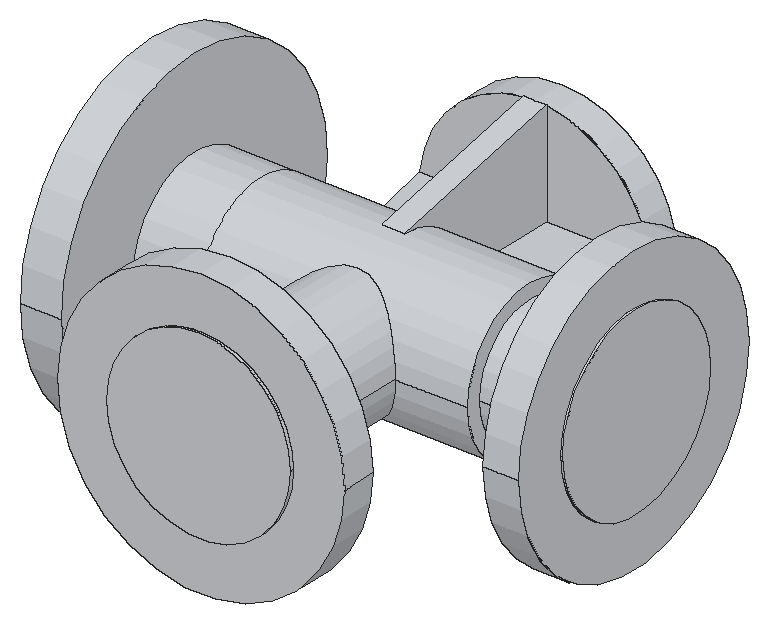
Revit family "81a1fe2a10ff4ad2a79cb788f979845b", category Pipe Fittings, Revit 2021
Family settings
  Round Connector Dimension = Use Radius
  Part Type = Tee
  OmniClass Number = 23.60.30.11.14
  OmniClass Title = Pipework Fittings
  Seek Item ID = Tee Reducing Round Base - Flanged - GI - Class 250-0000-USA-ENU
  Work Plane-Based = No
  Always vertical = Yes
  Cut with Voids When Loaded = No
  Shared = No
Parameters (values of type "Standard")
  Tick Size 3 [instance] = Flange Diameter 3 * 0.4  # 2.59843"
  Tick Size 2 [instance] = Flange Diameter 2 * 0.4  # 2.59843"
  Tick Size 1 [instance] = Flange Diameter 1 * 0.4  # 3.00787"
  Round Base Radius [instance] = Round Base Diameter / 2  # 2.61811"
  Round Base Diameter [instance] = size_lookup(Lookup Table Name, "RBD", 0.57 * Max Nominal Diameter 123 + 4 109/256", Max Nominal Diameter 123)  # 5.23622"
  Ribs Thickness [instance] = size_lookup(Lookup Table Name, "RThk", 0.04 * Max Nominal Diameter 123 + 65/128", Max Nominal Diameter 123)  # 0.51181"
  Ribs Length [instance] = 0.85 * Round Base Diameter  # 4.45079"
  Loss Method = K Coefficient from Table
  Lookup Table Name = "Tee Reducing Round Base - Flanged - GI - Class 250"
  K Coefficient Table = "Flanged Tee"
  Default Elevation = 0' - 0"
  Center to Face 34 [instance] = if(not(Max Nominal Diameter 123 > 16"), Center to Face, if(and(Max Nominal Diameter 123 > 16", not(Nominal Diameter 3 > Outlet Size and Smaller)), Center to Face Outlet, Center to Face))  # 5.51181"
  Center to Face 12 [instance] = if(not(Max Nominal Diameter 123 > 16"), Center to Face, if(and(Max Nominal Diameter 123 > 16", not(Nominal Diameter 3 > Outlet Size and Smaller)), Center to Face Run, Center to Face))  # 5.51181"
  Raised Face Thickness [instance] = 1/16"  # constant formula
  Raised Face Radius 3 [instance] = Raised Face Diameter 3 / 2  # 2.08661"
  Raised Face Radius 2 [instance] = Raised Face Diameter 2 / 2  # 2.08661"
  Raised Face Radius 1 [instance] = Raised Face Diameter 1 / 2  # 2.46063"
  Raised Face Diameter 3 [instance] = size_lookup(Lookup Table Name, "RFD", 1.2 * Nominal Diameter 3 + 2 1/256", Nominal Diameter 3)  # 4.17323"
  Raised Face Diameter 2 [instance] = size_lookup(Lookup Table Name, "RFD", 1.2 * Nominal Diameter 2 + 2 1/256", Nominal Diameter 2)  # 4.17323"
  Raised Face Diameter 1 [instance] = size_lookup(Lookup Table Name, "RFD", 1.2 * Nominal Diameter 1 + 2 1/256", Nominal Diameter 1)  # 4.92126"
  Radius 1 [instance] = if(Flange Radius 1 > Flange Radius 2, Flange Radius 1, Flange Radius 2)  # 3.75984"
  Outlet Size and Smaller [instance] = size_lookup(Lookup Table Name, "OSaS", 0.64 * Max Nominal Diameter 123 + 45/64", Max Nominal Diameter 123)  # 1"
  Nominal Radius 3 [instance] = 1"
  Nominal Radius 2 [instance] = 1"
  Nominal Radius 1 [instance] = 1 1/4"
  Nominal Diameter 3 [instance] = Nominal Radius 3 * 2  # 2"
  Nominal Diameter 2 [instance] = Nominal Radius 2 * 2  # 2"
  Nominal Diameter 1 [instance] = Nominal Radius 1 * 2  # 2 1/2"
  Wall Thickness 3 [instance] = size_lookup(Lookup Table Name, "WThk", 0.06 * Nominal Diameter 3 + 97/256", Nominal Diameter 3)  # 0.43701"
  Wall Thickness 2 [instance] = size_lookup(Lookup Table Name, "WThk", 0.06 * Nominal Diameter 2 + 97/256", Nominal Diameter 2)  # 0.43701"
  Wall Thickness 1 [instance] = size_lookup(Lookup Table Name, "WThk", 0.06 * Nominal Diameter 1 + 97/256", Nominal Diameter 1)  # 1/2"
  Outlet Length Label 2 [instance] = Outlet Length Label 1 - Flange Thickness 3  # 4.6378"
  Outlet Length Label 1 [instance] = if(not(Angle = 90.00°), if(not(Center to Face 34 < Outlet Length 4), Center to Face 34, Outlet Length 4), Center to Face 34)  # 5.51181"
  Run Length Label [instance] = if(not(Angle = 90.00°), if(not(Center to Face 12 < Run Length), Center to Face 12, Run Length), Center to Face 12)  # 5.51181"
  Length 4 [instance] = Ribs Thickness / 2  # 0.25591"
  Length 3 [instance] = if(Max Fitting Outside Radius 12 > 0.5 * Ribs Length, 0.5 * Ribs Length, Max Fitting Outside Radius 12)  # 1.75984"
  Flange Length 3 [instance] = Flange Thickness 3 - Raised Face Thickness  # 0.81152"
  Flange Length 2 [instance] = Flange Thickness 2 - Raised Face Thickness  # 0.81152"
  Flange Length 1 [instance] = Flange Thickness 1 - Raised Face Thickness  # 15/16"
  Center to Base [instance] = size_lookup(Lookup Table Name, "CtB", 0.75 * Max Nominal Diameter 123 + 2 253/256", Max Nominal Diameter 123)  # 4.76378"
  Max Fitting Outside Radius 12 [instance] = if(Fitting Outside Radius 1 > Fitting Outside Radius 2, Fitting Outside Radius 1, Fitting Outside Radius 2)  # 1.75984"
  Length 2 [instance] = (Run Length Label - Flange Thickness 2) * 2 / 3  # 3.09186"
  Length 1 [instance] = (Run Length Label - Flange Thickness 1) * 2 / 3  # 3.00787"
  Outlet Length 4 [instance] = if(Angle < 90.00°, Outlet Length 1, if(Angle = 90.00°, Outlet Length 2, Outlet Length 3))  # 6.38583"
  Outlet Length 3 [instance] = if(Angle > 90.00°, Radius 1 / sin(180.00° - Angle) + Flange Radius 3 / tan(180.00° - Angle), 0") + Flange Thickness 3  # 0.87402"
  Outlet Length 2 [instance] = if(Angle = 90.00°, Center to Face 34, 0") + Flange Thickness 3  # 6.38583"
  Outlet Length 1 [instance] = if(Angle < 90.00°, Radius 1 / sin(Angle) + Flange Radius 3 / tan(Angle), 0") + Flange Thickness 3  # 0.87402"
  Run Length [instance] = Run Length 4  # 6.51181"
  Run Length 4 [instance] = if(Angle < 90.00°, Run Length 1, if(Angle = 90.00°, Run Length 2, Run Length 3))  # 6.51181"
  Run Length 3 [instance] = if(Angle > 90.00°, Radius 1 / tan(180.00° - Angle) + Flange Radius 3 / sin(180.00° - Angle), 0") + Max Flange Thickness 12  # 1"
  Run Length 2 [instance] = if(Angle = 90.00°, Center to Face 12, 0") + Max Flange Thickness 12  # 6.51181"
  Run Length 1 [instance] = if(Angle < 90.00°, Radius 1 / tan(Angle) + Flange Radius 3 / sin(Angle), 0") + Max Flange Thickness 12  # 1"
  Fitting Outside Radius 3 [instance] = Fitting Outside Diameter 3 / 2  # 1.44094"
  Fitting Outside Radius 2 [instance] = Fitting Outside Diameter 2 / 2  # 1.44094"
  Fitting Outside Radius 1 [instance] = Fitting Outside Diameter 1 / 2  # 1.75984"
  Fitting Outside Diameter 3 [instance] = Fitting Inside Diameter 3 + Wall Thickness 3 * 2  # 2.88189"
  Fitting Outside Diameter 2 [instance] = Fitting Inside Diameter 2 + Wall Thickness 2 * 2  # 2.88189"
  Fitting Outside Diameter 1 [instance] = Fitting Inside Diameter 1 + Wall Thickness 1 * 2  # 3.51969"
  Fitting Inside Diameter 3 [instance] = size_lookup(Lookup Table Name, "FID", 0.97 * Nominal Diameter 3 + 13/128", Nominal Diameter 3)  # 2.00787"
  Fitting Inside Diameter 2 [instance] = size_lookup(Lookup Table Name, "FID", 0.97 * Nominal Diameter 2 + 13/128", Nominal Diameter 2)  # 2.00787"
  Fitting Inside Diameter 1 [instance] = size_lookup(Lookup Table Name, "FID", 0.97 * Nominal Diameter 1 + 13/128", Nominal Diameter 1)  # 2.51969"
  Center to Face Outlet [instance] = size_lookup(Lookup Table Name, "CtFO", 0.72 * Max Nominal Diameter 123 + 4 85/256", Max Nominal Diameter 123)  # 0.03937"
  Center to Face Run [instance] = size_lookup(Lookup Table Name, "CtFR", 0.53 * Max Nominal Diameter 123 + 4 23/32", Max Nominal Diameter 123)  # 0.03937"
  Max Flange Thickness 12 [instance] = if(Flange Thickness 1 > Flange Thickness 2, Flange Thickness 1, Flange Thickness 2)  # 1"
  Flange Thickness 3 [instance] = size_lookup(Lookup Table Name, "FThk", 0.08 * Nominal Diameter 3 + 217/256", Nominal Diameter 3)  # 0.87402"
  Flange Thickness 2 [instance] = size_lookup(Lookup Table Name, "FThk", 0.08 * Nominal Diameter 2 + 217/256", Nominal Diameter 2)  # 0.87402"
  Flange Thickness 1 [instance] = size_lookup(Lookup Table Name, "FThk", 0.08 * Nominal Diameter 1 + 217/256", Nominal Diameter 1)  # 1"
  Flange Radius 3 [instance] = Flange Diameter 3 / 2  # 3.24803"
  Flange Radius 2 [instance] = Flange Diameter 2 / 2  # 3.24803"
  Flange Radius 1 [instance] = Flange Diameter 1 / 2  # 3.75984"
  Flange Diameter 3 [instance] = size_lookup(Lookup Table Name, "FDia", 1.34 * Nominal Diameter 3 + 4 3/16", Nominal Diameter 3)  # 6.49606"
  Flange Diameter 2 [instance] = size_lookup(Lookup Table Name, "FDia", 1.34 * Nominal Diameter 2 + 4 3/16", Nominal Diameter 2)  # 6.49606"
  Flange Diameter 1 [instance] = size_lookup(Lookup Table Name, "FDia", 1.34 * Nominal Diameter 1 + 4 3/16", Nominal Diameter 1)  # 7.51969"
  Center to Face [instance] = size_lookup(Lookup Table Name, "CtF", 0.82 * Max Nominal Diameter 123 + 3 63/128", Max Nominal Diameter 123)  # 5.51181"
  Max Nominal Diameter 123 [instance] = if(Nominal Diameter 3 > Max Nominal Diameter 12, Nominal Diameter 3, Max Nominal Diameter 12)  # 2 1/2"
  Max Nominal Diameter 12 [instance] = if(Nominal Diameter 1 > Nominal Diameter 2, Nominal Diameter 1, Nominal Diameter 2)  # 2 1/2"
  Base Thickness [instance] = size_lookup(Lookup Table Name, "BThk", 0.05 * Max Nominal Diameter 123 + 89/128", Max Nominal Diameter 123)  # 0.74803"
  Angle [instance] = 90.00°
Reference planes (in)
  plane 1 "Center (Front/Back)": y = 0
  plane 2: z = 0
  plane 3 "Center (Left/Right)": x = 0
  plane 4: x = -5.51181
  plane 5: x = -5.44931
  plane 6: x = -4.51181
  plane 7: x = 5.51181
  plane 8: x = 5.44931
  plane 9: x = 4.6378
  plane 10: x = -3.00787
  plane 11: x = 3.09186
  plane 12: x = -4.51181
  plane 13: x = 4.6378
  plane 14: x = -3.00787
  plane 15: x = 3.09186
  plane 16: y = 3.00787
  plane 17: y = -3.00787
  plane 18: y = 2.59843
  plane 19: y = -2.59843
  plane 20: x = -2.61811
  plane 21: x = 2.61811
  plane 22: x = -1.75984
  plane 23: x = 1.75984
  plane 24: x = -0.25591
  plane 25: x = 0.25591
  plane 26: y = 4.76378
  plane 27: y = 4.01575
  plane 28: z = 0.25591
  plane 29: z = -0.25591
  plane 30: z = 2.61811
  plane 31: z = -2.61811
  plane 32: z = 1.75984
  plane 33: z = -1.75984
Forms (in)
  Sweep 1, solid, detail levels fine
    path in 3D
      loop
        line (-5.51181, 0, 0) -> (-5.44931, 0, 0)
    profile origin (-5.48056, 0, 0) x (0, 1, 0) y (0, 0, 1)
      loop
        circle (0, 0) r 2.46063
  Sweep 2, solid, detail levels fine
    path in 3D
      loop
        line (-5.44931, 0, 0) -> (-4.51181, 0, 0)
    profile origin (-4.98056, 0, 0) x (0, 1, 0) y (0, 0, 1)
      loop
        circle (0, 0) r 3.75984
  Sweep 3, solid, detail levels fine
    path in 3D
      loop
        line (-4.51181, 0, 0) -> (-3.00787, 0, 0)
    profile origin (-3.75984, 0, 0) x (0, 1, 0) y (0, 0, 1)
      loop
        circle (0, 0) r 1.75984
  Sweep 4, solid, detail levels fine
    path in 3D
      loop
        line (-3.00787, 0, 0) -> (3.09186, 0, 0)
    profile origin (0.04199, 0, 0) x (0, 1, 0) y (0, 0, 1)
      loop
        circle (0, 0) r 1.75984
  Sweep 5, solid, detail levels fine
    path in 3D
      loop
        line (3.09186, 0, 0) -> (4.6378, 0, 0)
    profile origin (3.86483, 0, 0) x (0, 1, 0) y (0, 0, 1)
      loop
        circle (0, 0) r 1.44094
  Sweep 6, solid, detail levels fine
    path in 3D
      loop
        line (4.6378, 0, 0) -> (5.44931, 0, 0)
    profile origin (5.04355, 0, 0) x (0, 1, 0) y (0, 0, 1)
      loop
        circle (0, 0) r 3.24803
  Sweep 7, solid, detail levels fine
    path in 3D
      loop
        line (5.44931, 0, 0) -> (5.51181, 0, 0)
    profile origin (5.48056, 0, 0) x (0, 1, 0) y (0, 0, 1)
      loop
        circle (0, 0) r 2.08661
  Sweep 8, solid, detail levels fine
    path in 3D
      loop
        line (0, 0, 0) -> (0, -4.6378, 0)
    profile origin (0, -2.3189, 0) x (1, 0, 0) y (0, 0, 1)
      loop
        circle (0, 0) r 1.44094
  Sweep 9, solid, detail levels fine
    path in 3D
      loop
        line (0, -4.6378, 0) -> (0, -5.44931, 0)
    profile origin (0, -5.04355, 0) x (1, 0, 0) y (0, 0, 1)
      loop
        circle (0, 0) r 3.24803
  Sweep 10, solid, detail levels fine
    path in 3D
      loop
        line (0, -5.44931, 0) -> (0, -5.51181, 0)
    profile origin (0, -5.48056, 0) x (1, 0, 0) y (0, 0, 1)
      loop
        circle (0, 0) r 2.08661
  Sweep 11, solid, detail levels fine
    path origin (0, 0, 0) x (1, 0, 0) y (0, 1, 0)
      loop
        line (0, 4.76378) -> (0, 4.01575)
    profile origin (0, 4.38976, 0) x (1, 0, 0) y (0, 0, 1)
      loop
        circle (0, 0) r 2.61811
  Extrusion 12, solid, detail levels fine
    sketch origin (0, 0, 0) x (1, 0, 0) y (0, 1, 0)
      loop
        line (-2.61811, 4.01575) -> (-1.75984, 0) -> (1.75984, 0) -> (2.61811, 4.01575) -> (-2.61811, 4.01575)
    from -0.25591 to 0.25591
  Extrusion 13, solid, detail levels fine
    sketch origin (0, 0, 0) x (0, 1, 0) y (0, 0, 1)
      loop
        line (4.01575, 2.61811) -> (0, 1.75984) -> (0, -1.75984) -> (4.01575, -2.61811) -> (4.01575, 2.61811)
    from -0.25591 to 0.25591
Cuts and joins
  joined: Sweep 1, Sweep 2, Sweep 3, Sweep 4, Sweep 5, Sweep 6, Sweep 7, Sweep 8, Sweep 9, Sweep 10, Sweep 11, Extrusion 12, Extrusion 13
Lines and regions (in)
  model lines, detail levels coarse+medium
    curve 1: line (-5.51181, 0, 0) -> (-5.44931, 0, 0)
    curve 2: line (-5.44931, 0, 0) -> (-4.51181, 0, 0)
    curve 3: line (-4.51181, 0, 0) -> (-3.00787, 0, 0)
    curve 4: line (3.09186, 0, 0) -> (4.6378, 0, 0)
    curve 5: line (4.6378, 0, 0) -> (5.44931, 0, 0)
    curve 6: line (5.44931, 0, 0) -> (5.51181, 0, 0)
    curve 7: line (-3.00787, 0, 0) -> (3.09186, 0, 0)
    curve 8: line (0, 0, 0) -> (0, -4.6378, 0)
    curve 9: line (0, -4.6378, 0) -> (0, -5.44931, 0)
    curve 10: line (0, -5.44931, 0) -> (0, -5.51181, 0)
    curve 26: line (-5.51181, 3.00787, 0) -> (-5.51181, -3.00787, 0)
    curve 27: line (5.51181, 2.59843, 0) -> (5.51181, -2.59843, 0)
    curve 28: line (0, -5.51181, 0) -> (2.59843, -5.51181, 0)
    curve 29: line (0, -5.51181, 0) -> (-2.59843, -5.51181, 0)
    curve 30: line (-0.25591, 0, 0) -> (-0.25591, 4.76378, 0)
    curve 31: line (0.25591, 4.76378, 0) -> (0.25591, 0, 0)
  reference lines
    curve 11: line (0, 0, 0) -> (0, -5.51181, 0)
    curve 12: line (0, -5.51181, 0) -> (0, -4.6378, 0)
    curve 13: line (-5.51181, 0, 0) -> (-4.51181, 0, 0)
    curve 14: line (4.6378, 0, 0) -> (5.51181, 0, 0)
    curve 25: line (-3.00787, 0, 0) -> (3.09186, 0, 0)
  sketch lines
    curve 15: line (-5.51181, 0, 0) -> (-5.44931, 0, 0)
    curve 16: line (-5.44931, 0, 0) -> (-4.51181, 0, 0)
    curve 17: line (-4.51181, 0, 0) -> (-3.00787, 0, 0)
    curve 18: line (-3.00787, 0, 0) -> (3.09186, 0, 0)
    curve 19: line (3.09186, 0, 0) -> (4.6378, 0, 0)
    curve 20: line (4.6378, 0, 0) -> (5.44931, 0, 0)
    curve 21: line (5.44931, 0, 0) -> (5.51181, 0, 0)
    curve 22: line (0, 0, 0) -> (0, -4.6378, 0)
    curve 23: line (0, -4.6378, 0) -> (0, -5.44931, 0)
    curve 24: line (0, -5.44931, 0) -> (0, -5.51181, 0)
Dimensions and locks (in)
  "Raised Face Thickness": plane 4 to plane 5
  "Flange Length 1": plane 5 to plane 6
  "Run Length Label": plane 4 to plane 3 "Center (Left/Right)"
  "Raised Face Thickness": plane 8 to plane 7
  "Flange Length 2": plane 9 to plane 8
  "Run Length Label": plane 3 "Center (Left/Right)" to plane 7
  "Length 1": plane 10 to plane 3 "Center (Left/Right)"
  "Length 2": plane 3 "Center (Left/Right)" to plane 11
  "Outlet Length Label 2": curve 8 to curve 8
  "Flange Length 3": curve 9 to curve 9
  "Raised Face Thickness": curve 10 to curve 10
  "Outlet Length Label 1": curve 11 to curve 11
  locked: curve 12 to curve 12 at 0.87402
  locked: plane 14 to plane 10
  locked: plane 11 to plane 15
  "Tick Size 1": plane 1 "Center (Front/Back)" to plane 16
  "Tick Size 1": plane 1 "Center (Front/Back)" to plane 17
  "Tick Size 2": plane 1 "Center (Front/Back)" to plane 18
  "Tick Size 2": plane 1 "Center (Front/Back)" to plane 19
  "Tick Size 3": curve 28 to curve 28
  "Tick Size 3": curve 29 to curve 29
  locked: plane 13 to plane 7 at 0.87402
  locked: plane 4 to plane 12 at 1
  "Length 4": plane 24 to plane 3 "Center (Left/Right)"
  "Length 4": plane 3 "Center (Left/Right)" to plane 25
  "Length 3": plane 22 to plane 3 "Center (Left/Right)"
  "Length 3": plane 3 "Center (Left/Right)" to plane 23
  "Round Base Radius": plane 20 to plane 3 "Center (Left/Right)"
  "Round Base Radius": plane 3 "Center (Left/Right)" to plane 21
  "Base Thickness": plane 26 to plane 27
  "Center to Base": plane 26 to plane 1 "Center (Front/Back)"
  "Length 4": plane 28 to plane 2
  "Length 4": plane 2 to plane 29
  "Length 3": plane 32 to plane 2
  "Length 3": plane 2 to plane 33
  "Round Base Radius": plane 30 to plane 2
  "Round Base Radius": plane 2 to plane 31
  "Raised Face Radius 1": radius of Sweep 1 sketch curve
  "Flange Radius 1": radius of Sweep 2 sketch curve
  "Fitting Outside Radius 1": radius of Sweep 3 sketch curve
  "Max Fitting Outside Radius 12": radius of Sweep 4 sketch curve
  "Fitting Outside Radius 2": radius of Sweep 5 sketch curve
  "Flange Radius 2": radius of Sweep 6 sketch curve
  "Raised Face Radius 2": radius of Sweep 7 sketch curve
  "Fitting Outside Radius 3": radius of Sweep 8 sketch curve
  "Flange Radius 3": radius of Sweep 9 sketch curve
  "Raised Face Radius 3": radius of Sweep 10 sketch curve
  "Round Base Radius": radius of Sweep 11 sketch curve
  "Angle": angle curve 8 to plane 1 "Center (Front/Back)"
  "Angle": angle curve 9 to plane 1 "Center (Front/Back)"
  "Angle": angle curve 10 to plane 1 "Center (Front/Back)"
  "Angle": angle curve 11 to plane 1 "Center (Front/Back)"
  "Angle": angle curve 12 to plane 1 "Center (Front/Back)"
  locked: curve 28 to curve 10 (angle 90.00°)
  locked: curve 10 to curve 29 (angle 90.00°)
  aligned and locked: plane 5 to curve 1
  aligned and locked: plane 4 to curve 1
  aligned and locked: plane 1 "Center (Front/Back)" to curve 1
  aligned and locked: plane 6 to curve 2
  aligned and locked: plane 1 "Center (Front/Back)" to curve 2
  aligned and locked: plane 10 to curve 3
  aligned and locked: plane 1 "Center (Front/Back)" to curve 3
  aligned and locked: plane 9 to curve 4
  aligned and locked: plane 11 to curve 4
  aligned and locked: plane 1 "Center (Front/Back)" to curve 5
  aligned and locked: plane 8 to curve 6
  aligned and locked: plane 7 to curve 6
  aligned and locked: plane 1 "Center (Front/Back)" to curve 6
  aligned and locked: plane 1 "Center (Front/Back)" to curve 7
  aligned and locked: plane 3 "Center (Left/Right)" to curve 8
  aligned and locked: plane 1 "Center (Front/Back)" to curve 11
  aligned and locked: plane 4 to curve 13
  aligned and locked: plane 12 to curve 13
  aligned and locked: plane 1 "Center (Front/Back)" to curve 13
  aligned and locked: plane 7 to curve 14
  aligned and locked: plane 13 to curve 14
  aligned and locked: plane 1 "Center (Front/Back)" to curve 14
  aligned and locked: plane 15 to curve 25
  aligned and locked: plane 14 to curve 25
  aligned and locked: plane 1 "Center (Front/Back)" to curve 25
  aligned and locked: plane 16 to curve 26
  aligned and locked: plane 17 to curve 26
  aligned and locked: curve 26 to plane 4
  aligned and locked: plane 18 to curve 27
  aligned and locked: plane 19 to curve 27
  aligned and locked: curve 27 to plane 7
  aligned and locked: plane 3 "Center (Left/Right)" to curve 11
  aligned and locked: plane 1 "Center (Front/Back)" to curve 8
  aligned and locked: plane 26 to Sweep 11 sketch curve
  aligned and locked: Sweep 11 sketch curve to plane 3 "Center (Left/Right)"
  aligned and locked: plane 2 to Sweep 11 sketch curve
  aligned and locked: plane 3 "Center (Left/Right)" to Sweep 11 sketch curve
  aligned and locked: Extrusion 12 sketch curve to plane 27
  aligned and locked: plane 27 to Extrusion 12 sketch curve
  aligned and locked: plane 21 to Extrusion 12 sketch curve
  aligned and locked: plane 20 to Extrusion 12 sketch curve
  aligned and locked: plane 1 "Center (Front/Back)" to Extrusion 12 sketch curve  (x2)
  aligned and locked: plane 23 to Extrusion 12 sketch curve
  aligned and locked: plane 22 to Extrusion 12 sketch curve
  aligned and locked: plane 28 to Extrusion 12
  aligned and locked: Extrusion 12 to plane 29
  aligned and locked: plane 27 to Extrusion 13 sketch curve  (x2)
  aligned and locked: plane 1 "Center (Front/Back)" to Extrusion 13 sketch curve  (x2)
  aligned and locked: plane 30 to Extrusion 13 sketch curve
  aligned and locked: plane 32 to Extrusion 13 sketch curve
  aligned and locked: plane 33 to Extrusion 13 sketch curve
  aligned and locked: plane 31 to Extrusion 13 sketch curve
  aligned and locked: Extrusion 13 to plane 24
  aligned and locked: plane 25 to Extrusion 13
  aligned and locked: plane 26 to curve 31
  aligned and locked: curve 31 to plane 25
  aligned and locked: plane 24 to curve 30
  aligned and locked: plane 26 to curve 30
Automatic sketch dimensions
  Sweep 1 sketch curve to profile plane = 0' - 0"  (x2)
  Sweep 2 sketch curve to profile plane = 0' - 0"  (x2)
  Sweep 3 sketch curve to profile plane = 0' - 0"  (x2)
  Sweep 4 sketch curve to profile plane = 0' - 0"  (x2)
  Sweep 5 sketch curve to profile plane = 0' - 0"  (x2)
  Sweep 6 sketch curve to profile plane = 0' - 0"  (x2)
  Sweep 7 sketch curve to profile plane = 0' - 0"  (x2)
  Sweep 8 sketch curve to profile plane = 0' - 0"  (x2)
  Sweep 9 sketch curve to profile plane = 0' - 0"  (x2)
  Sweep 10 sketch curve to profile plane = 0' - 0"  (x2)
  Sweep 11 sketch curve to plane 27 = 0' - 0"
Connectors (in)
  piping at (-5.51181, 0, 0), diameter 2.5, driven by "Nominal Radius 1"
    settings: on cut or joined group 1 (Sweep 1, Sweep 2, Sweep 3, Sweep 4, Sweep 5, Sweep 6, Sweep 7, Sweep 8, Sweep 9, Sweep 10, Sweep 11, Extrusion 12, Extrusion 13), index 1, connector inside diameter 2 1/2", connector length 0' - 0", flow factor 0, pipe flow 0 GPM, pressure drop 0.00 psi, fitting loss kfactor 0, connector angle 0.00°, fixture units 0, engagement length 0' - 0", angle of deflection 0.00°, flow configuration 0, flow direction 0, fitting loss method 0, system type 28, joint type 0, gender type 0, connector reference index 2, connector utility 0, adjustable connector no, is connector primary yes, connector description ""
  piping at (5.51181, 0, 0), diameter 2, driven by "Nominal Radius 2"
    settings: on cut or joined group 1, index 2, connector inside diameter 2", connector length 0' - 0", flow factor 0, pipe flow 0 GPM, pressure drop 0.00 psi, fitting loss kfactor 0, connector angle 0.00°, fixture units 0, engagement length 0' - 0", angle of deflection 0.00°, flow configuration 0, flow direction 0, fitting loss method 0, system type 28, joint type 0, gender type 0, connector reference index 1, connector utility 0, adjustable connector no, is connector primary no, connector description ""
  piping at (0, -5.51181, 0), diameter 2, driven by "Nominal Radius 3", driven by "Angle"
    settings: on cut or joined group 1, index 3, connector inside diameter 2", connector length 0' - 0", flow factor 0, pipe flow 0 GPM, pressure drop 0.00 psi, fitting loss kfactor 0, connector angle 90.00°, fixture units 0, engagement length 0' - 0", angle of deflection 0.00°, flow configuration 0, flow direction 0, fitting loss method 0, system type 28, joint type 0, gender type 0, connector reference index -1, connector utility 0, adjustable connector no, is connector primary no, connector description ""
